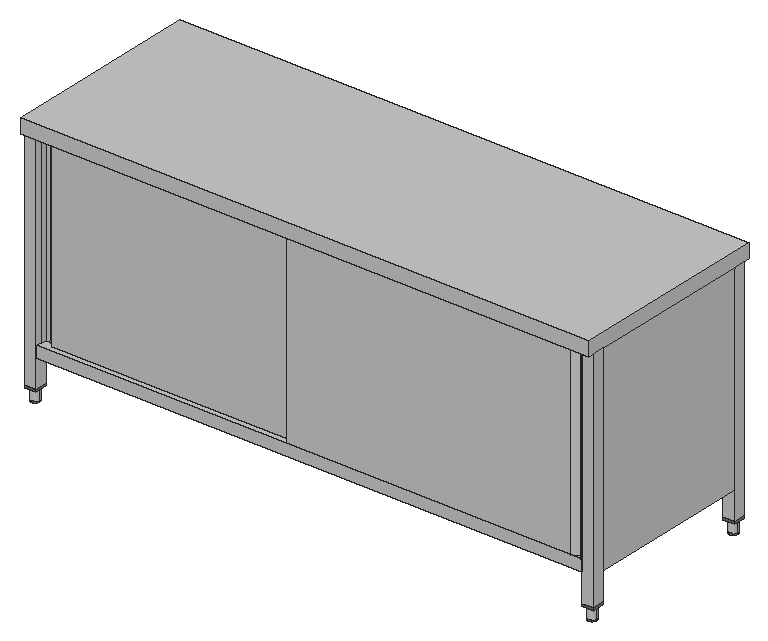
Revit family "QF_ELECTROLUXPROFESSIONAL_134032_GTN2000E", category Attrezzature speciali, Revit 2020
Family settings
  Quota connettore circolare = Usa diametro
  Tipo di parte = Normale
  Basato su piano di lavoro = No
  Sempre verticale = Sì
  Taglio con vuoti quando caricato = No
  Condiviso = No
  Punto di calcolo locali = No
Parameters (values of type "Standard")
  Weight = 102.00 kg
  Watts = 0 W
  Volts = 0 V
  URL Manufacturer = "https://www.electroluxprofessional.com/"
  URL = "https://www.electroluxprofessional.com/"
  Steam Supply Size = 0 mm
  Steam Supply Minimum Pressure = 0.0 Pa
  Steam Supply Maximum Pressure = 0.0 Pa
  Steam Consumption per Hour = 0
  Refrigeration Suction Line Size = 0.0 mm
  Refrigeration Liquid Line Size = 0.0 mm
  Refrigerant Compressor Remote = yes
  Prospetto di default = 0.0 mm
  Produttore = "Electrolux Professional"
  Phase = 0
  Modello = "GTN2000E"
  Length Actual = 2000.0 mm  # constant formula
  Item Number = "134032"
  Hot Water Size = 0 mm
  Height Actual = 900.0 mm  # constant formula
  HP = "0 HP"
  Gas Size = 0 mm
  Gas KW = 0
  Gas Input Pressure = 0 W
  Direct Waste Size = 0 mm
  Descrizione = "WORKTOP CUPBOARD 2000 MM"
  Depth Actual = 700.0 mm  # constant formula
  Cycle = 0 Hz
  Condensate Return Size = 0 mm
  Compressed Air Volume = 0.0 L/s
  Compressed Air Size = 0 mm
  Compressed Air Pressure = 0.0 Pa
  Cold Water Size = 0 mm
  Accessory = yes
Reference planes
  plane 1 "Center (Front/Back)": y = 0
  plane 2: z = 0
  plane 3 "Center (Left/Right)": x = -500
  plane 4 "LEFT": x = -1500
  plane 5 "RIGHT": x = 500
  plane 6 "BACK": y = 350
  plane 7 "FRONT": y = -350
  plane 8 "Base": z = 850
  plane 9 "TOP": z = 900
  plane 10: x = -1480
  plane 11: x = 480
  plane 12: y = 310
  plane 13: y = -310
  plane 14 "BodyLeft": x = -1500
  plane 15 "BodyFront": y = -330
  plane 16 "BodyRight": x = 500
  plane 17 "BodyBack": y = 330
  plane 18 "FEET": z = 150
  plane 19: x = -420
  plane 20: x = -580
Forms (mm)
  Extrusion 1, solid, material "QF_Finishes_Stainless Steel"
    sketch origin (-500, 0, 0) x (0, 1, 0) y (0, 0, 1)
      loop
        line (-350, 850) -> (350, 850) -> (350, 900) -> (-350, 900) -> (-350, 850)
    from 1000 to -1000
  Extrusion 2, solid, material "QF_Finishes_Stainless Steel"
    sketch origin (0, 0, 150) x (-1, 0, 0) y (0, -1, 0)
      loop
        line (1500, -290) -> (1500, 290) -> (1460, 290) -> (1460, -290) -> (1500, -290)
      loop
        line (-460, -290) -> (-460, 290) -> (-500, 290) -> (-500, -290) -> (-460, -290)
    from 0 to 700
  Extrusion 3, solid, material "QF_Finishes_Stainless Steel"
    sketch origin (0, 0, 150) x (-1, 0, 0) y (0, -1, 0)
      loop
        line (1460, -290) -> (1460, 330) -> (-460, 330) -> (-460, -290) -> (1460, -290)
    from 0 to 40
  Extrusion 4, solid, material "QF_Finishes_Stainless Steel"
    sketch origin (0, 0, 150) x (-1, 0, 0) y (0, -1, 0)
      loop
        line (1460, -290) -> (-460, -290) -> (-460, -330) -> (1460, -330) -> (1460, -290)
    from 0 to 700
  Extrusion 5, solid, material "QF_Finishes_Stainless Steel"
    sketch origin (0, 0, 150) x (-1, 0, 0) y (0, -1, 0)
      loop
        line (-460, 330) -> (-460, 310) -> (580, 310) -> (580, 330) -> (-420, 330) -> (-440, 315) -> (-455, 315) -> (-455, 330) -> (-460, 330)
    from 40 to 700
  Extrusion 6, solid, material "QF_Finishes_Stainless Steel"
    sketch origin (0, 20, 150) x (1, 0, 0) y (0, 1, 0)
      loop
        line (-1460, -330) -> (-1455, -330) -> (-1455, -315) -> (-1440, -315) -> (-1420, -330) -> (-420, -330) -> (-420, -310) -> (-1460, -310) -> (-1460, -330)
    from 40 to 700
  Extrusion 7, solid, material "QF_Finishes_Stainless Steel"
    sketch origin (0, 0, 150) x (-1, 0, 0) y (0, -1, 0)
      loop
        line (1460, 290) -> (-460, 290) -> (-460, -290) -> (1460, -290) -> (1460, 290)
    from 350 to 390
Lines and regions (mm)
  symbolic lines
    curve 1: line (500, 350, 900) -> (-1500, 350, 900)
    curve 2: line (-1500, 350, 900) -> (-1500, -350, 900)
    curve 3: line (-1500, -350, 900) -> (500, -350, 900)
    curve 4: line (500, -350, 900) -> (500, 350, 900)
  symbolic lines, style "SpecialityEquipmentHiddenLines"
    curve 5: line (-1500, 330, 150) -> (500, 330, 150)
    curve 6: line (-1500, -330, 150) -> (-1500, 330, 150)
    curve 7: line (500, -330, 150) -> (-1500, -330, 150)
    curve 8: line (500, 330, 150) -> (500, -330, 150)
    curve 9: line (-1460, -290, 150) -> (-420, -290, 150)
    curve 10: line (-420, -290, 150) -> (-420, -310, 150)
    curve 11: line (-1460, -310, 150) -> (460, -310, 150)
    curve 12: line (460, -310, 150) -> (460, -330, 150)
    curve 13: line (-580, -310, 150) -> (-580, -330, 150)
    curve 14: line (-1460, -290, 150) -> (-1460, -310, 150)
Dimensions and locks
  plane 4 "LEFT" to plane 5 "RIGHT" = 2000.0 mm
  equal spacing: plane 4 "LEFT", plane 3 "Center (Left/Right)", plane 5 "RIGHT"
  locked: plane 8 "Base" to level at 850
  plane 9 "TOP" to level = 900.0 mm
  plane 6 "BACK" to plane 7 "FRONT" = 700.0 mm
  equal spacing: plane 6 "BACK", plane 1 "Center (Front/Back)", plane 7 "FRONT"
  locked: plane 4 "LEFT" to plane 14 "BodyLeft"
  locked: plane 16 "BodyRight" to plane 5 "RIGHT"
  locked: plane 15 "BodyFront" to plane 7 "FRONT" at 20
  locked: plane 6 "BACK" to plane 17 "BodyBack" at 20
  locked: plane 14 "BodyLeft" to plane 10 at 20
  locked: plane 11 to plane 16 "BodyRight" at 20
  locked: plane 13 to plane 15 "BodyFront" at 20
  locked: plane 17 "BodyBack" to plane 12 at 20
  plane 10 to plane 11 = 1960.0 mm
  plane 12 to plane 13 = 620.0 mm
  locked: plane 14 "BodyLeft" to Extrusion 2 sketch curve at 40
  Extrusion 2 sketch curve to Extrusion 2 sketch curve = 40.0 mm
  locked: plane 3 "Center (Left/Right)" to plane 19 at 80
  locked: plane 20 to plane 3 "Center (Left/Right)" at 80
  locked: plane 18 "FEET" to plane 2 at 150
  aligned and locked: level to plane 2
  aligned and locked: plane 10 to nested 1
  aligned and locked: nested 1 to plane 13
  aligned and locked: plane 11 to nested 2
  aligned and locked: nested 2 to plane 13
  aligned and locked: plane 11 to nested 4
  aligned and locked: nested 4 to plane 12
  aligned and locked: plane 10 to nested 3
  aligned and locked: nested 3 to plane 12
  aligned and locked: Extrusion 1 to plane 4 "LEFT"
  aligned and locked: plane 5 "RIGHT" to Extrusion 1
  aligned and locked: curve 2 to plane 4 "LEFT"
  aligned and locked: Extrusion 2 sketch curve to plane 14 "BodyLeft"
  aligned and locked: plane 16 "BodyRight" to Extrusion 2 sketch curve
  aligned and locked: plane 8 "Base" to Extrusion 2
  aligned and locked: plane 8 "Base" to Extrusion 5
  aligned and locked: Extrusion 5 to Extrusion 3
  aligned and locked: Extrusion 6 sketch curve to plane 19
  aligned and locked: Extrusion 5 sketch curve to plane 20
  aligned and locked: Extrusion 1 to plane 8 "Base"
  aligned and locked: plane 9 "TOP" to Extrusion 1
  aligned and locked: curve 5 to plane 17 "BodyBack"
  aligned and locked: plane 14 "BodyLeft" to curve 6
  aligned and locked: plane 15 "BodyFront" to curve 7
  aligned and locked: plane 16 "BodyRight" to curve 8
  aligned and locked: Extrusion 3 sketch curve to Extrusion 2  (x2)
  aligned and locked: Extrusion 2 to Extrusion 4 sketch curve  (x2)
  aligned and locked: curve 7 to Extrusion 3 sketch curve
  aligned and locked: Extrusion 3 sketch curve to Extrusion 4
  aligned and locked: Extrusion 4 to plane 18 "FEET"
Automatic sketch dimensions
  curve 3 to plane 7 "FRONT" = 0.0 mm
  curve 4 to plane 6 "BACK" = 0.0 mm
  Extrusion 1 sketch curve to plane 7 "FRONT" = 0.0 mm
  plane 9 "TOP" to Extrusion 1 sketch curve = 0.0 mm
  Extrusion 1 sketch curve to plane 6 "BACK" = 0.0 mm
  Extrusion 1 sketch curve to plane 8 "Base" = 0.0 mm
  Extrusion 5 sketch curve to plane 15 "BodyFront" = 0.0 mm  (x2)
  Extrusion 5 sketch curve to plane 11 = 20.0 mm
  Extrusion 5 sketch curve to Extrusion 5 sketch curve = 5.0 mm
  Extrusion 5 sketch curve to Extrusion 5 sketch curve = 15.0 mm
  Extrusion 5 sketch curve to Extrusion 5 sketch curve = 20.0 mm
  plane 15 "BodyFront" to Extrusion 5 sketch curve = 15.0 mm
  plane 15 "BodyFront" to Extrusion 5 sketch curve = 20.0 mm
  Extrusion 6 sketch curve to plane 15 "BodyFront" = 20.0 mm  (x2)
  Extrusion 6 sketch curve to plane 10 = 20.0 mm
  Extrusion 6 sketch curve to Extrusion 6 sketch curve = 5.0 mm
  Extrusion 6 sketch curve to Extrusion 6 sketch curve = 15.0 mm
  Extrusion 6 sketch curve to Extrusion 6 sketch curve = 20.0 mm  (x2)
  Extrusion 6 sketch curve to plane 15 "BodyFront" = 35.0 mm
  curve 10 to plane 19 = 0.0 mm
  curve 13 to plane 20 = 0.0 mm
  curve 11 to plane 11 = 20.0 mm
  plane 15 "BodyFront" to curve 9 = 40.0 mm
  curve 12 to curve 12 = 20.0 mm
  plane 10 to curve 14 = 20.0 mm
  Extrusion 4 sketch curve to plane 12 = 20.0 mm
  plane 13 to Extrusion 2 sketch curve = 20.0 mm  (x2)
  Extrusion 2 sketch curve to plane 12 = 20.0 mm  (x2)
  Extrusion 4 sketch curve to plane 17 "BodyBack" = 0.0 mm
  Extrusion 7 sketch curve to plane 11 = 20.0 mm
  plane 10 to Extrusion 7 sketch curve = 20.0 mm
  Extrusion 7 sketch curve to plane 12 = 20.0 mm
  plane 13 to Extrusion 7 sketch curve = 20.0 mm
  curve 4 to plane 5 "RIGHT" = 0.0 mm
Nested families
  nested 1: "FEET_40x40_APP50" at (-1480, -310, 0), type "FEET_40x40_APP50"
  nested 2: "FEET_40x40_APP50" at (480, -310, 0), type "FEET_40x40_APP50"
  nested 3: "FEET_40x40_APP50" at (-1480, 310, 0), type "FEET_40x40_APP50"
  nested 4: "FEET_40x40_APP50" at (480, 310, 0), type "FEET_40x40_APP50"
Definition of nested family "FEET_40x40_APP50"
  Parameters
    Default Elevation = 0.0 mm
    FEET = 850.0 mm
  Reference planes
    plane 1 "Center (Front/Back)": y = 0
    plane 2: z = 0
    plane 3 "Center (Left/Right)": x = 0
    plane 4: z = 850
  Forms (mm)
    Extrusion 1, solid
      sketch origin (0, 0, 0) x (1, 0, 0) y (0, 1, 0)
        loop
          line (-20, -20) -> (20, -20) -> (20, 20) -> (-20, 20) -> (-20, -20)
      from 50 to 850
    Extrusion 2, solid
      sketch origin (0, 0, 0) x (1, 0, 0) y (0, 1, 0)
        loop
          circle (0, 0) r 15
      from 0 to 5
    Extrusion 3, solid
      sketch origin (0, 0, 0) x (1, 0, 0) y (0, 1, 0)
        loop
          line (-20, -20) -> (20, -20) -> (20, 20) -> (-20, 20) -> (-20, -20)
      from 50 to 42
    Extrusion 4, solid
      sketch origin (0, 0, 0) x (1, 0, 0) y (0, 1, 0)
        loop
          circle (0, 0) r 15
      from 5 to 42
  Lines and regions (mm)
    symbolic lines
      curve 1: line (0, -1.503, 0) -> (0, 1.508, 0)
      curve 2: line (1.561, 0, 0) -> (-1.439, 0, 0)
  Dimensions and locks
    "FEET": plane 4 to plane 2
    aligned and locked: level to plane 2
  Automatic sketch dimensions
    plane 1 "Center (Front/Back)" to curve 2 = 0.0 mm
    curve 1 to plane 3 "Center (Left/Right)" = 0.0 mm
    curve 2 to plane 3 "Center (Left/Right)" = 1.439 mm
    plane 3 "Center (Left/Right)" to curve 2 = 1.561 mm
    plane 1 "Center (Front/Back)" to curve 1 = 1.503 mm
    curve 1 to plane 1 "Center (Front/Back)" = 1.508 mm
    Extrusion 1 sketch curve to plane 3 "Center (Left/Right)" = 20.0 mm
    plane 3 "Center (Left/Right)" to Extrusion 1 sketch curve = 20.0 mm
    plane 1 "Center (Front/Back)" to Extrusion 1 sketch curve = 20.0 mm
    Extrusion 1 sketch curve to plane 1 "Center (Front/Back)" = 20.0 mm
    plane 1 "Center (Front/Back)" to Extrusion 2 sketch curve = 0.0 mm
    Extrusion 2 sketch curve to plane 3 "Center (Left/Right)" = 0.0 mm
    Extrusion 3 sketch curve to plane 3 "Center (Left/Right)" = 20.0 mm
    plane 3 "Center (Left/Right)" to Extrusion 3 sketch curve = 20.0 mm
    plane 1 "Center (Front/Back)" to Extrusion 3 sketch curve = 20.0 mm
    Extrusion 3 sketch curve to plane 1 "Center (Front/Back)" = 20.0 mm
    plane 1 "Center (Front/Back)" to Extrusion 4 sketch curve = 0.0 mm
    Extrusion 4 sketch curve to plane 3 "Center (Left/Right)" = 0.0 mm
    radius of Extrusion 2 sketch curve = 15.0 mm
    radius of Extrusion 4 sketch curve = 15.0 mm
